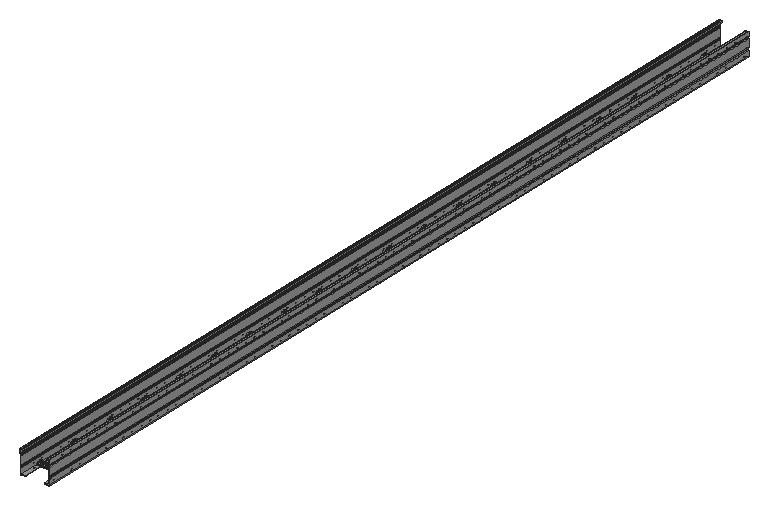
Revit family "Weitspannkabelleiter WKLG1620 FT,FS FT SO A4.23.08", category Generic Models, Revit 2017 (continued)
Automatic sketch dimensions
  Extrusion 412 sketch curve to Extrusion 412 sketch curve = 0.618 mm  (x2)
  Extrusion 412 sketch curve to plane 122 = 1.583 mm  (x2)
  Extrusion 412 sketch curve to plane 122 = 2.284 mm
  Extrusion 412 sketch curve to Extrusion 412 sketch curve = 0.572 mm
  Extrusion 412 sketch curve to Extrusion 412 sketch curve = 0.969 mm
  Extrusion 412 sketch curve to Extrusion 412 sketch curve = 3.884 mm
  Extrusion 412 sketch curve to plane 122 = 1.5 mm
  Extrusion 412 sketch curve to Extrusion 412 sketch curve = 3.752 mm
  Extrusion 412 sketch curve to plane 122 = 2.291 mm
  Extrusion 412 sketch curve to Extrusion 412 sketch curve = 0.978 mm
  Extrusion 412 sketch curve to Extrusion 412 sketch curve = 0.573 mm
  Extrusion 412 sketch curve to Extrusion 412 sketch curve = 2.346 mm
  plane 123 to Extrusion 412 sketch curve = 0.387 mm
  plane 123 to Extrusion 412 sketch curve = 0.678 mm
  Extrusion 412 sketch curve to Extrusion 412 sketch curve = 1.596 mm
  Extrusion 412 sketch curve to Extrusion 412 sketch curve = 0.964 mm
  Extrusion 412 sketch curve to Extrusion 412 sketch curve = 16.5 mm
  Extrusion 412 sketch curve to Extrusion 412 sketch curve = 1.383 mm
  Extrusion 413 sketch curve to plane 124 = 0 mm  (x3)
  Extrusion 413 sketch curve to plane 128 = 0 mm
  Extrusion 413 sketch curve to plane 125 = 0 mm
  plane 124 to Extrusion 413 sketch curve = 0.012 mm
  plane 126 to Extrusion 413 sketch curve = 0.069 mm
  Extrusion 413 sketch curve to plane 128 = 30 mm
  Extrusion 414 sketch curve to plane 130 = 0 mm  (x2)
  Extrusion 414 sketch curve to Extrusion 414 sketch curve = 0.36 mm
  Extrusion 414 sketch curve to Extrusion 414 sketch curve = 0.618 mm  (x2)
  Extrusion 414 sketch curve to plane 130 = 1.583 mm  (x2)
  Extrusion 414 sketch curve to plane 130 = 2.284 mm
  Extrusion 414 sketch curve to Extrusion 414 sketch curve = 0.572 mm
  Extrusion 414 sketch curve to Extrusion 414 sketch curve = 0.969 mm
  Extrusion 414 sketch curve to Extrusion 414 sketch curve = 3.884 mm
  Extrusion 414 sketch curve to plane 130 = 1.5 mm
  Extrusion 414 sketch curve to Extrusion 414 sketch curve = 3.752 mm
  Extrusion 414 sketch curve to plane 130 = 2.291 mm
  Extrusion 414 sketch curve to Extrusion 414 sketch curve = 0.978 mm
  Extrusion 414 sketch curve to Extrusion 414 sketch curve = 0.573 mm
  Extrusion 414 sketch curve to Extrusion 414 sketch curve = 2.346 mm
  plane 131 to Extrusion 414 sketch curve = 0.387 mm
  plane 131 to Extrusion 414 sketch curve = 0.678 mm
  Extrusion 414 sketch curve to Extrusion 414 sketch curve = 1.596 mm
  Extrusion 414 sketch curve to Extrusion 414 sketch curve = 0.964 mm
  Extrusion 414 sketch curve to Extrusion 414 sketch curve = 16.5 mm
  Extrusion 414 sketch curve to Extrusion 414 sketch curve = 1.383 mm
  Extrusion 415 sketch curve to plane 132 = 0 mm  (x3)
  Extrusion 415 sketch curve to plane 136 = 0 mm
  Extrusion 415 sketch curve to plane 133 = 0 mm
  plane 132 to Extrusion 415 sketch curve = 0.012 mm
  plane 134 to Extrusion 415 sketch curve = 0.069 mm
  Extrusion 415 sketch curve to plane 136 = 30 mm
  Extrusion 416 sketch curve to plane 138 = 0 mm  (x2)
  Extrusion 416 sketch curve to Extrusion 416 sketch curve = 0.36 mm
  Extrusion 416 sketch curve to Extrusion 416 sketch curve = 0.618 mm  (x2)
  Extrusion 416 sketch curve to plane 138 = 1.583 mm  (x2)
  Extrusion 416 sketch curve to plane 138 = 2.284 mm
  Extrusion 416 sketch curve to Extrusion 416 sketch curve = 0.572 mm
  Extrusion 416 sketch curve to Extrusion 416 sketch curve = 0.969 mm
  Extrusion 416 sketch curve to Extrusion 416 sketch curve = 3.884 mm
  Extrusion 416 sketch curve to plane 138 = 1.5 mm
  Extrusion 416 sketch curve to Extrusion 416 sketch curve = 3.752 mm
  Extrusion 416 sketch curve to plane 138 = 2.291 mm
  Extrusion 416 sketch curve to Extrusion 416 sketch curve = 0.978 mm
  Extrusion 416 sketch curve to Extrusion 416 sketch curve = 0.573 mm
  Extrusion 416 sketch curve to Extrusion 416 sketch curve = 2.346 mm
  plane 139 to Extrusion 416 sketch curve = 0.387 mm
  plane 139 to Extrusion 416 sketch curve = 0.678 mm
  Extrusion 416 sketch curve to Extrusion 416 sketch curve = 1.596 mm
  Extrusion 416 sketch curve to Extrusion 416 sketch curve = 0.964 mm
  Extrusion 416 sketch curve to Extrusion 416 sketch curve = 16.5 mm
  Extrusion 416 sketch curve to Extrusion 416 sketch curve = 1.383 mm
  Extrusion 417 sketch curve to plane 140 = 0 mm  (x3)
  Extrusion 417 sketch curve to plane 144 = 0 mm
  Extrusion 417 sketch curve to plane 141 = 0 mm
  plane 140 to Extrusion 417 sketch curve = 0.012 mm
  plane 142 to Extrusion 417 sketch curve = 0.069 mm
  Extrusion 417 sketch curve to plane 144 = 30 mm
  Extrusion 418 sketch curve to plane 146 = 0 mm  (x2)
  Extrusion 418 sketch curve to Extrusion 418 sketch curve = 0.36 mm
  Extrusion 418 sketch curve to Extrusion 418 sketch curve = 0.618 mm  (x2)
  Extrusion 418 sketch curve to plane 146 = 1.583 mm  (x2)
  Extrusion 418 sketch curve to plane 146 = 2.284 mm
  Extrusion 418 sketch curve to Extrusion 418 sketch curve = 0.572 mm
  Extrusion 418 sketch curve to Extrusion 418 sketch curve = 0.969 mm
  Extrusion 418 sketch curve to Extrusion 418 sketch curve = 3.884 mm
  Extrusion 418 sketch curve to plane 146 = 1.5 mm
  Extrusion 418 sketch curve to Extrusion 418 sketch curve = 3.752 mm
  Extrusion 418 sketch curve to plane 146 = 2.291 mm
  Extrusion 418 sketch curve to Extrusion 418 sketch curve = 0.978 mm
  Extrusion 418 sketch curve to Extrusion 418 sketch curve = 0.573 mm
  Extrusion 418 sketch curve to Extrusion 418 sketch curve = 2.346 mm
  plane 147 to Extrusion 418 sketch curve = 0.387 mm
  plane 147 to Extrusion 418 sketch curve = 0.678 mm
  Extrusion 418 sketch curve to Extrusion 418 sketch curve = 1.596 mm
  Extrusion 418 sketch curve to Extrusion 418 sketch curve = 0.964 mm
  Extrusion 418 sketch curve to Extrusion 418 sketch curve = 16.5 mm
  Extrusion 418 sketch curve to Extrusion 418 sketch curve = 1.383 mm
  Extrusion 419 sketch curve to plane 148 = 0 mm  (x3)
  Extrusion 419 sketch curve to plane 152 = 0 mm
  Extrusion 419 sketch curve to plane 149 = 0 mm
  plane 148 to Extrusion 419 sketch curve = 0.012 mm
  plane 150 to Extrusion 419 sketch curve = 0.069 mm
  Extrusion 419 sketch curve to plane 152 = 30 mm
  Extrusion 420 sketch curve to plane 154 = 0 mm  (x2)
  Extrusion 420 sketch curve to Extrusion 420 sketch curve = 0.36 mm
  Extrusion 420 sketch curve to Extrusion 420 sketch curve = 0.618 mm  (x2)
  Extrusion 420 sketch curve to plane 154 = 1.583 mm  (x2)
  Extrusion 420 sketch curve to plane 154 = 2.284 mm
  Extrusion 420 sketch curve to Extrusion 420 sketch curve = 0.572 mm
  Extrusion 420 sketch curve to Extrusion 420 sketch curve = 0.969 mm
  Extrusion 420 sketch curve to Extrusion 420 sketch curve = 3.884 mm
  Extrusion 420 sketch curve to plane 154 = 1.5 mm
  Extrusion 420 sketch curve to Extrusion 420 sketch curve = 3.752 mm
  Extrusion 420 sketch curve to plane 154 = 2.291 mm
  Extrusion 420 sketch curve to Extrusion 420 sketch curve = 0.978 mm
  Extrusion 420 sketch curve to Extrusion 420 sketch curve = 0.573 mm
  Extrusion 420 sketch curve to Extrusion 420 sketch curve = 2.346 mm
  plane 155 to Extrusion 420 sketch curve = 0.387 mm
  plane 155 to Extrusion 420 sketch curve = 0.678 mm
  Extrusion 420 sketch curve to Extrusion 420 sketch curve = 1.596 mm
  Extrusion 420 sketch curve to Extrusion 420 sketch curve = 0.964 mm
  Extrusion 420 sketch curve to Extrusion 420 sketch curve = 16.5 mm
  Extrusion 420 sketch curve to Extrusion 420 sketch curve = 1.383 mm
  Extrusion 421 sketch curve to plane 156 = 0 mm  (x3)
  Extrusion 421 sketch curve to plane 160 = 0 mm
  Extrusion 421 sketch curve to plane 157 = 0 mm
  plane 156 to Extrusion 421 sketch curve = 0.012 mm
  plane 158 to Extrusion 421 sketch curve = 0.069 mm
  Extrusion 421 sketch curve to plane 160 = 30 mm
  Extrusion 422 sketch curve to plane 162 = 0 mm  (x2)
  Extrusion 422 sketch curve to Extrusion 422 sketch curve = 0.36 mm
  Extrusion 422 sketch curve to Extrusion 422 sketch curve = 0.618 mm  (x2)
  Extrusion 422 sketch curve to plane 162 = 1.583 mm  (x2)
  Extrusion 422 sketch curve to plane 162 = 2.284 mm
  Extrusion 422 sketch curve to Extrusion 422 sketch curve = 0.572 mm
  Extrusion 422 sketch curve to Extrusion 422 sketch curve = 0.969 mm
  Extrusion 422 sketch curve to Extrusion 422 sketch curve = 3.884 mm
  Extrusion 422 sketch curve to plane 162 = 1.5 mm
  Extrusion 422 sketch curve to Extrusion 422 sketch curve = 3.752 mm
  Extrusion 422 sketch curve to plane 162 = 2.291 mm
  Extrusion 422 sketch curve to Extrusion 422 sketch curve = 0.978 mm
  Extrusion 422 sketch curve to Extrusion 422 sketch curve = 0.573 mm
  Extrusion 422 sketch curve to Extrusion 422 sketch curve = 2.346 mm
  plane 163 to Extrusion 422 sketch curve = 0.387 mm
  plane 163 to Extrusion 422 sketch curve = 0.678 mm
  Extrusion 422 sketch curve to Extrusion 422 sketch curve = 1.596 mm
  Extrusion 422 sketch curve to Extrusion 422 sketch curve = 0.964 mm
  Extrusion 422 sketch curve to Extrusion 422 sketch curve = 16.5 mm
  Extrusion 422 sketch curve to Extrusion 422 sketch curve = 1.383 mm
  Extrusion 423 sketch curve to plane 164 = 0 mm  (x3)
  Extrusion 423 sketch curve to plane 168 = 0 mm
  Extrusion 423 sketch curve to plane 165 = 0 mm
  plane 164 to Extrusion 423 sketch curve = 0.012 mm
  plane 166 to Extrusion 423 sketch curve = 0.069 mm
  Extrusion 423 sketch curve to plane 168 = 30 mm
  Extrusion 424 sketch curve to plane 170 = 0 mm  (x2)
  Extrusion 424 sketch curve to Extrusion 424 sketch curve = 0.36 mm
  Extrusion 424 sketch curve to Extrusion 424 sketch curve = 0.618 mm  (x2)
  Extrusion 424 sketch curve to plane 170 = 1.583 mm  (x2)
  Extrusion 424 sketch curve to plane 170 = 2.284 mm
  Extrusion 424 sketch curve to Extrusion 424 sketch curve = 0.572 mm
  Extrusion 424 sketch curve to Extrusion 424 sketch curve = 0.969 mm
  Extrusion 424 sketch curve to Extrusion 424 sketch curve = 3.884 mm
  Extrusion 424 sketch curve to plane 170 = 1.5 mm
  Extrusion 424 sketch curve to Extrusion 424 sketch curve = 3.752 mm
  Extrusion 424 sketch curve to plane 170 = 2.291 mm
  Extrusion 424 sketch curve to Extrusion 424 sketch curve = 0.978 mm
  Extrusion 424 sketch curve to Extrusion 424 sketch curve = 0.573 mm
  Extrusion 424 sketch curve to Extrusion 424 sketch curve = 2.346 mm
  plane 171 to Extrusion 424 sketch curve = 0.387 mm
  plane 171 to Extrusion 424 sketch curve = 0.678 mm
  Extrusion 424 sketch curve to Extrusion 424 sketch curve = 1.596 mm
  Extrusion 424 sketch curve to Extrusion 424 sketch curve = 0.964 mm
  Extrusion 424 sketch curve to Extrusion 424 sketch curve = 16.5 mm
  Extrusion 424 sketch curve to Extrusion 424 sketch curve = 1.383 mm
  Extrusion 425 sketch curve to plane 172 = 0 mm  (x3)
  Extrusion 425 sketch curve to plane 176 = 0 mm
  Extrusion 425 sketch curve to plane 173 = 0 mm
  plane 172 to Extrusion 425 sketch curve = 0.012 mm
  plane 174 to Extrusion 425 sketch curve = 0.069 mm
  Extrusion 425 sketch curve to plane 176 = 30 mm
  Extrusion 426 sketch curve to plane 178 = 0 mm  (x2)
  Extrusion 426 sketch curve to Extrusion 426 sketch curve = 0.36 mm
  Extrusion 426 sketch curve to Extrusion 426 sketch curve = 0.618 mm  (x2)
  Extrusion 426 sketch curve to plane 178 = 1.583 mm  (x2)
  Extrusion 426 sketch curve to plane 178 = 2.284 mm
  Extrusion 426 sketch curve to Extrusion 426 sketch curve = 0.572 mm
  Extrusion 426 sketch curve to Extrusion 426 sketch curve = 0.969 mm
  Extrusion 426 sketch curve to Extrusion 426 sketch curve = 3.884 mm
  Extrusion 426 sketch curve to plane 178 = 1.5 mm
  Extrusion 426 sketch curve to Extrusion 426 sketch curve = 3.752 mm
  Extrusion 426 sketch curve to plane 178 = 2.291 mm
  Extrusion 426 sketch curve to Extrusion 426 sketch curve = 0.978 mm
  Extrusion 426 sketch curve to Extrusion 426 sketch curve = 0.573 mm
  Extrusion 426 sketch curve to Extrusion 426 sketch curve = 2.346 mm
  plane 179 to Extrusion 426 sketch curve = 0.387 mm
  plane 179 to Extrusion 426 sketch curve = 0.678 mm
  Extrusion 426 sketch curve to Extrusion 426 sketch curve = 1.596 mm
  Extrusion 426 sketch curve to Extrusion 426 sketch curve = 0.964 mm
  Extrusion 426 sketch curve to Extrusion 426 sketch curve = 16.5 mm
  Extrusion 426 sketch curve to Extrusion 426 sketch curve = 1.383 mm
  Extrusion 427 sketch curve to plane 180 = 0 mm  (x3)
  Extrusion 427 sketch curve to plane 184 = 0 mm
  Extrusion 427 sketch curve to plane 181 = 0 mm
  plane 180 to Extrusion 427 sketch curve = 0.012 mm
  plane 182 to Extrusion 427 sketch curve = 0.069 mm
  Extrusion 427 sketch curve to plane 184 = 30 mm
  Extrusion 428 sketch curve to plane 186 = 0 mm  (x2)
  Extrusion 428 sketch curve to Extrusion 428 sketch curve = 0.36 mm
  Extrusion 428 sketch curve to Extrusion 428 sketch curve = 0.618 mm  (x2)
  Extrusion 428 sketch curve to plane 186 = 1.583 mm  (x2)
  Extrusion 428 sketch curve to plane 186 = 2.284 mm
  Extrusion 428 sketch curve to Extrusion 428 sketch curve = 0.572 mm
  Extrusion 428 sketch curve to Extrusion 428 sketch curve = 0.969 mm
  Extrusion 428 sketch curve to Extrusion 428 sketch curve = 3.884 mm
  Extrusion 428 sketch curve to plane 186 = 1.5 mm
  Extrusion 428 sketch curve to Extrusion 428 sketch curve = 3.752 mm
  Extrusion 428 sketch curve to plane 186 = 2.291 mm
  Extrusion 428 sketch curve to Extrusion 428 sketch curve = 0.978 mm
  Extrusion 428 sketch curve to Extrusion 428 sketch curve = 0.573 mm
  Extrusion 428 sketch curve to Extrusion 428 sketch curve = 2.346 mm
  plane 187 to Extrusion 428 sketch curve = 0.387 mm
  plane 187 to Extrusion 428 sketch curve = 0.678 mm
  Extrusion 428 sketch curve to Extrusion 428 sketch curve = 1.596 mm
  Extrusion 428 sketch curve to Extrusion 428 sketch curve = 0.964 mm
  Extrusion 428 sketch curve to Extrusion 428 sketch curve = 16.5 mm
  Extrusion 428 sketch curve to Extrusion 428 sketch curve = 1.383 mm
  Extrusion 429 sketch curve to plane 188 = 0 mm  (x3)
  Extrusion 429 sketch curve to plane 192 = 0 mm
  Extrusion 429 sketch curve to plane 189 = 0 mm
  plane 188 to Extrusion 429 sketch curve = 0.012 mm
  plane 190 to Extrusion 429 sketch curve = 0.069 mm
  Extrusion 429 sketch curve to plane 192 = 30 mm
  Extrusion 430 sketch curve to plane 194 = 0 mm  (x2)
  Extrusion 430 sketch curve to Extrusion 430 sketch curve = 0.36 mm
  Extrusion 430 sketch curve to Extrusion 430 sketch curve = 0.618 mm  (x2)
  Extrusion 430 sketch curve to plane 194 = 1.583 mm  (x2)
  Extrusion 430 sketch curve to plane 194 = 2.284 mm
  Extrusion 430 sketch curve to Extrusion 430 sketch curve = 0.572 mm
  Extrusion 430 sketch curve to Extrusion 430 sketch curve = 0.969 mm
  Extrusion 430 sketch curve to Extrusion 430 sketch curve = 3.884 mm
  Extrusion 430 sketch curve to plane 194 = 1.5 mm
  Extrusion 430 sketch curve to Extrusion 430 sketch curve = 3.752 mm
  Extrusion 430 sketch curve to plane 194 = 2.291 mm
  Extrusion 430 sketch curve to Extrusion 430 sketch curve = 0.978 mm
  Extrusion 430 sketch curve to Extrusion 430 sketch curve = 0.573 mm
  Extrusion 430 sketch curve to Extrusion 430 sketch curve = 2.346 mm
  plane 195 to Extrusion 430 sketch curve = 0.387 mm
  plane 195 to Extrusion 430 sketch curve = 0.678 mm
  Extrusion 430 sketch curve to Extrusion 430 sketch curve = 1.596 mm
  Extrusion 430 sketch curve to Extrusion 430 sketch curve = 0.964 mm
  Extrusion 430 sketch curve to Extrusion 430 sketch curve = 16.5 mm
  Extrusion 430 sketch curve to Extrusion 430 sketch curve = 1.383 mm
  Extrusion 431 sketch curve to plane 196 = 0 mm  (x3)
  Extrusion 431 sketch curve to plane 200 = 0 mm
  Extrusion 431 sketch curve to plane 197 = 0 mm
  plane 196 to Extrusion 431 sketch curve = 0.012 mm
  plane 198 to Extrusion 431 sketch curve = 0.069 mm
  Extrusion 431 sketch curve to plane 200 = 30 mm
  Extrusion 432 sketch curve to plane 202 = 0 mm  (x2)
  Extrusion 432 sketch curve to Extrusion 432 sketch curve = 0.36 mm
  Extrusion 432 sketch curve to Extrusion 432 sketch curve = 0.618 mm  (x2)
  Extrusion 432 sketch curve to plane 202 = 1.583 mm  (x2)
  Extrusion 432 sketch curve to plane 202 = 2.284 mm
  Extrusion 432 sketch curve to Extrusion 432 sketch curve = 0.572 mm
  Extrusion 432 sketch curve to Extrusion 432 sketch curve = 0.969 mm
  Extrusion 432 sketch curve to Extrusion 432 sketch curve = 3.884 mm
  Extrusion 432 sketch curve to plane 202 = 1.5 mm
  Extrusion 432 sketch curve to Extrusion 432 sketch curve = 3.752 mm
  Extrusion 432 sketch curve to plane 202 = 2.291 mm
  Extrusion 432 sketch curve to Extrusion 432 sketch curve = 0.978 mm
  Extrusion 432 sketch curve to Extrusion 432 sketch curve = 0.573 mm
  Extrusion 432 sketch curve to Extrusion 432 sketch curve = 2.346 mm
  plane 203 to Extrusion 432 sketch curve = 0.387 mm
  plane 203 to Extrusion 432 sketch curve = 0.678 mm
  Extrusion 432 sketch curve to Extrusion 432 sketch curve = 1.596 mm
  Extrusion 432 sketch curve to Extrusion 432 sketch curve = 0.964 mm
  Extrusion 432 sketch curve to Extrusion 432 sketch curve = 16.5 mm
  Extrusion 432 sketch curve to Extrusion 432 sketch curve = 1.383 mm
  Extrusion 433 sketch curve to plane 204 = 0 mm  (x3)
  Extrusion 433 sketch curve to plane 208 = 0 mm
  Extrusion 433 sketch curve to plane 205 = 0 mm
  plane 204 to Extrusion 433 sketch curve = 0.012 mm
  plane 206 to Extrusion 433 sketch curve = 0.069 mm
  Extrusion 433 sketch curve to plane 208 = 30 mm
  Extrusion 434 sketch curve to plane 210 = 0 mm  (x2)
  Extrusion 434 sketch curve to Extrusion 434 sketch curve = 0.36 mm
  Extrusion 434 sketch curve to Extrusion 434 sketch curve = 0.618 mm  (x2)
  Extrusion 434 sketch curve to plane 210 = 1.583 mm  (x2)
  Extrusion 434 sketch curve to plane 210 = 2.284 mm
  Extrusion 434 sketch curve to Extrusion 434 sketch curve = 0.572 mm
  Extrusion 434 sketch curve to Extrusion 434 sketch curve = 0.969 mm
  Extrusion 434 sketch curve to Extrusion 434 sketch curve = 3.884 mm
  Extrusion 434 sketch curve to plane 210 = 1.5 mm
  Extrusion 434 sketch curve to Extrusion 434 sketch curve = 3.752 mm
  Extrusion 434 sketch curve to plane 210 = 2.291 mm
  Extrusion 434 sketch curve to Extrusion 434 sketch curve = 0.978 mm
  Extrusion 434 sketch curve to Extrusion 434 sketch curve = 0.573 mm
  Extrusion 434 sketch curve to Extrusion 434 sketch curve = 2.346 mm
  plane 211 to Extrusion 434 sketch curve = 0.387 mm
  plane 211 to Extrusion 434 sketch curve = 0.678 mm
  Extrusion 434 sketch curve to Extrusion 434 sketch curve = 1.596 mm
  Extrusion 434 sketch curve to Extrusion 434 sketch curve = 0.964 mm
  Extrusion 434 sketch curve to Extrusion 434 sketch curve = 16.5 mm
  Extrusion 434 sketch curve to Extrusion 434 sketch curve = 1.383 mm
  Extrusion 435 sketch curve to plane 212 = 0 mm  (x3)
  Extrusion 435 sketch curve to plane 216 = 0 mm
  Extrusion 435 sketch curve to plane 213 = 0 mm
  plane 212 to Extrusion 435 sketch curve = 0.012 mm
  plane 214 to Extrusion 435 sketch curve = 0.069 mm
  Extrusion 435 sketch curve to plane 216 = 30 mm
  Extrusion 436 sketch curve to plane 218 = 0 mm  (x2)
  Extrusion 436 sketch curve to Extrusion 436 sketch curve = 0.36 mm
  Extrusion 436 sketch curve to Extrusion 436 sketch curve = 0.618 mm  (x2)
  Extrusion 436 sketch curve to plane 218 = 1.583 mm  (x2)
  Extrusion 436 sketch curve to plane 218 = 2.284 mm
  Extrusion 436 sketch curve to Extrusion 436 sketch curve = 0.572 mm
  Extrusion 436 sketch curve to Extrusion 436 sketch curve = 0.969 mm
  Extrusion 436 sketch curve to Extrusion 436 sketch curve = 3.884 mm
  Extrusion 436 sketch curve to plane 218 = 1.5 mm
  Extrusion 436 sketch curve to Extrusion 436 sketch curve = 3.752 mm
  Extrusion 436 sketch curve to plane 218 = 2.291 mm
  Extrusion 436 sketch curve to Extrusion 436 sketch curve = 0.978 mm
  Extrusion 436 sketch curve to Extrusion 436 sketch curve = 0.573 mm
  Extrusion 436 sketch curve to Extrusion 436 sketch curve = 2.346 mm
  plane 219 to Extrusion 436 sketch curve = 0.387 mm
  plane 219 to Extrusion 436 sketch curve = 0.678 mm
  Extrusion 436 sketch curve to Extrusion 436 sketch curve = 1.596 mm
  Extrusion 436 sketch curve to Extrusion 436 sketch curve = 0.964 mm
  Extrusion 436 sketch curve to Extrusion 436 sketch curve = 16.5 mm
  Extrusion 436 sketch curve to Extrusion 436 sketch curve = 1.383 mm
  Extrusion 437 sketch curve to plane 220 = 0 mm  (x3)
  Extrusion 437 sketch curve to plane 224 = 0 mm
  Extrusion 437 sketch curve to plane 221 = 0 mm
  plane 220 to Extrusion 437 sketch curve = 0.012 mm
  plane 222 to Extrusion 437 sketch curve = 0.069 mm
  Extrusion 437 sketch curve to plane 224 = 30 mm
  Extrusion 438 sketch curve to plane 226 = 0 mm  (x2)
  Extrusion 438 sketch curve to Extrusion 438 sketch curve = 0.36 mm
  Extrusion 438 sketch curve to Extrusion 438 sketch curve = 0.618 mm  (x2)
  Extrusion 438 sketch curve to plane 226 = 1.583 mm  (x2)
  Extrusion 438 sketch curve to plane 226 = 2.284 mm
  Extrusion 438 sketch curve to Extrusion 438 sketch curve = 0.572 mm
  Extrusion 438 sketch curve to Extrusion 438 sketch curve = 0.969 mm
  Extrusion 438 sketch curve to Extrusion 438 sketch curve = 3.884 mm
  Extrusion 438 sketch curve to plane 226 = 1.5 mm
  Extrusion 438 sketch curve to Extrusion 438 sketch curve = 3.752 mm
  Extrusion 438 sketch curve to plane 226 = 2.291 mm
  Extrusion 438 sketch curve to Extrusion 438 sketch curve = 0.978 mm
  Extrusion 438 sketch curve to Extrusion 438 sketch curve = 0.573 mm
  Extrusion 438 sketch curve to Extrusion 438 sketch curve = 2.346 mm
  plane 227 to Extrusion 438 sketch curve = 0.387 mm
  plane 227 to Extrusion 438 sketch curve = 0.678 mm
  Extrusion 438 sketch curve to Extrusion 438 sketch curve = 1.596 mm
  Extrusion 438 sketch curve to Extrusion 438 sketch curve = 0.964 mm
  Extrusion 438 sketch curve to Extrusion 438 sketch curve = 16.5 mm
  Extrusion 438 sketch curve to Extrusion 438 sketch curve = 1.383 mm
  Extrusion 439 sketch curve to plane 228 = 0 mm  (x3)
  Extrusion 439 sketch curve to plane 232 = 0 mm
  Extrusion 439 sketch curve to plane 229 = 0 mm
  plane 228 to Extrusion 439 sketch curve = 0.012 mm
  plane 230 to Extrusion 439 sketch curve = 0.069 mm
  Extrusion 439 sketch curve to plane 232 = 30 mm
  Extrusion 440 sketch curve to plane 234 = 0 mm  (x2)
  Extrusion 440 sketch curve to Extrusion 440 sketch curve = 0.36 mm
  Extrusion 440 sketch curve to Extrusion 440 sketch curve = 0.618 mm  (x2)
  Extrusion 440 sketch curve to plane 234 = 1.583 mm  (x2)
  Extrusion 440 sketch curve to plane 234 = 2.284 mm
  Extrusion 440 sketch curve to Extrusion 440 sketch curve = 0.572 mm
  Extrusion 440 sketch curve to Extrusion 440 sketch curve = 0.969 mm
  Extrusion 440 sketch curve to Extrusion 440 sketch curve = 3.884 mm
  Extrusion 440 sketch curve to plane 234 = 1.5 mm
  Extrusion 440 sketch curve to Extrusion 440 sketch curve = 3.752 mm
  Extrusion 440 sketch curve to plane 234 = 2.291 mm
  Extrusion 440 sketch curve to Extrusion 440 sketch curve = 0.978 mm
  Extrusion 440 sketch curve to Extrusion 440 sketch curve = 0.573 mm
  Extrusion 440 sketch curve to Extrusion 440 sketch curve = 2.346 mm
  plane 235 to Extrusion 440 sketch curve = 0.387 mm
  plane 235 to Extrusion 440 sketch curve = 0.678 mm
  Extrusion 440 sketch curve to Extrusion 440 sketch curve = 1.596 mm
  Extrusion 440 sketch curve to Extrusion 440 sketch curve = 0.964 mm
  Extrusion 440 sketch curve to Extrusion 440 sketch curve = 16.5 mm
  Extrusion 440 sketch curve to Extrusion 440 sketch curve = 1.383 mm
  Extrusion 441 sketch curve to plane 236 = 0 mm  (x3)
  Extrusion 441 sketch curve to plane 240 = 0 mm
  Extrusion 441 sketch curve to plane 237 = 0 mm
  plane 236 to Extrusion 441 sketch curve = 0.012 mm
  plane 238 to Extrusion 441 sketch curve = 0.069 mm
  Extrusion 441 sketch curve to plane 240 = 30 mm
  Extrusion 442 sketch curve to plane 242 = 0 mm  (x2)
  Extrusion 442 sketch curve to Extrusion 442 sketch curve = 0.36 mm
  Extrusion 442 sketch curve to Extrusion 442 sketch curve = 0.618 mm  (x2)
  Extrusion 442 sketch curve to plane 242 = 1.583 mm  (x2)
  Extrusion 442 sketch curve to plane 242 = 2.284 mm
  Extrusion 442 sketch curve to Extrusion 442 sketch curve = 0.572 mm
  Extrusion 442 sketch curve to Extrusion 442 sketch curve = 0.969 mm
  Extrusion 442 sketch curve to Extrusion 442 sketch curve = 3.884 mm
  Extrusion 442 sketch curve to plane 242 = 1.5 mm
  Extrusion 442 sketch curve to Extrusion 442 sketch curve = 3.752 mm
  Extrusion 442 sketch curve to plane 242 = 2.291 mm
  Extrusion 442 sketch curve to Extrusion 442 sketch curve = 0.978 mm
  Extrusion 442 sketch curve to Extrusion 442 sketch curve = 0.573 mm
  Extrusion 442 sketch curve to Extrusion 442 sketch curve = 2.346 mm
  plane 243 to Extrusion 442 sketch curve = 0.387 mm
  plane 243 to Extrusion 442 sketch curve = 0.678 mm
  Extrusion 442 sketch curve to Extrusion 442 sketch curve = 1.596 mm
  Extrusion 442 sketch curve to Extrusion 442 sketch curve = 0.964 mm
  Extrusion 442 sketch curve to Extrusion 442 sketch curve = 16.5 mm
  Extrusion 442 sketch curve to Extrusion 442 sketch curve = 1.383 mm
  Extrusion 443 sketch curve to plane 244 = 0 mm  (x3)
  Extrusion 443 sketch curve to plane 248 = 0 mm
  Extrusion 443 sketch curve to plane 245 = 0 mm
  plane 244 to Extrusion 443 sketch curve = 0.012 mm
  plane 246 to Extrusion 443 sketch curve = 0.069 mm
  Extrusion 443 sketch curve to plane 248 = 30 mm
  Extrusion 444 sketch curve to plane 255 = 0 mm
  Extrusion 444 sketch curve to plane 253 = 0 mm
  Extrusion 444 sketch curve to plane 252 = 0 mm
  Extrusion 444 sketch curve to plane 255 = 1.578 mm
  plane 251 to Extrusion 444 sketch curve = 5.924 mm
  Extrusion 444 sketch curve to Extrusion 444 sketch curve = 7.25 mm
  plane 251 to Extrusion 444 sketch curve = 1.641 mm
  Extrusion 444 sketch curve to plane 252 = 2.46 mm
  Extrusion 445 sketch curve to plane 257 = 0 mm  (x2)
  Extrusion 445 sketch curve to plane 260 = 0 mm
  Extrusion 445 sketch curve to Extrusion 445 sketch curve = 6.775 mm
  Extrusion 445 sketch curve to Extrusion 445 sketch curve = 6.178 mm
  Extrusion 445 sketch curve to plane 257 = 4.95 mm
  plane 256 to Extrusion 445 sketch curve = 8.008 mm
  Extrusion 445 sketch curve to Extrusion 445 sketch curve = 13.808 mm
  Extrusion 445 sketch curve to Extrusion 445 sketch curve = 13.31 mm
  Extrusion 445 sketch curve to Extrusion 445 sketch curve = 3.658 mm
  Extrusion 444 sketch curve to plane 250 = 175.432 mm
  Extrusion 444 sketch curve to Extrusion 444 sketch curve = 2.762 mm
  Extrusion 444 sketch curve to Extrusion 444 sketch curve = 19.263 mm
  Extrusion 444 sketch curve to plane 250 = 17.354 mm
  Extrusion 446 sketch curve to plane 268 = 0 mm
  Extrusion 446 sketch curve to plane 266 = 0 mm
  Extrusion 446 sketch curve to plane 265 = 0 mm
  Extrusion 446 sketch curve to plane 268 = 1.578 mm
  plane 264 to Extrusion 446 sketch curve = 5.924 mm
  Extrusion 446 sketch curve to Extrusion 446 sketch curve = 7.25 mm
  plane 264 to Extrusion 446 sketch curve = 1.641 mm
  Extrusion 446 sketch curve to plane 265 = 2.46 mm
  Extrusion 446 sketch curve to plane 263 = 175.432 mm
  Extrusion 446 sketch curve to Extrusion 446 sketch curve = 2.762 mm
  Extrusion 446 sketch curve to Extrusion 446 sketch curve = 19.263 mm
  Extrusion 446 sketch curve to plane 263 = 17.354 mm
  Extrusion 447 sketch curve to plane 275 = 0 mm
  Extrusion 447 sketch curve to plane 273 = 0 mm
  Extrusion 447 sketch curve to plane 272 = 0 mm
  Extrusion 447 sketch curve to plane 275 = 1.578 mm
  plane 271 to Extrusion 447 sketch curve = 5.924 mm
  Extrusion 447 sketch curve to Extrusion 447 sketch curve = 7.25 mm
  plane 271 to Extrusion 447 sketch curve = 1.641 mm
  Extrusion 447 sketch curve to plane 272 = 2.46 mm
  Extrusion 447 sketch curve to plane 270 = 175.432 mm
  Extrusion 447 sketch curve to Extrusion 447 sketch curve = 2.762 mm
  Extrusion 447 sketch curve to Extrusion 447 sketch curve = 19.263 mm
  Extrusion 447 sketch curve to plane 270 = 17.354 mm
  Extrusion 448 sketch curve to plane 282 = 0 mm
  Extrusion 448 sketch curve to plane 280 = 0 mm
  Extrusion 448 sketch curve to plane 279 = 0 mm
  Extrusion 448 sketch curve to plane 282 = 1.578 mm
  plane 278 to Extrusion 448 sketch curve = 5.924 mm
  Extrusion 448 sketch curve to Extrusion 448 sketch curve = 7.25 mm
  plane 278 to Extrusion 448 sketch curve = 1.641 mm
  Extrusion 448 sketch curve to plane 279 = 2.46 mm
  Extrusion 448 sketch curve to plane 277 = 175.432 mm
  Extrusion 448 sketch curve to Extrusion 448 sketch curve = 2.762 mm
  Extrusion 448 sketch curve to Extrusion 448 sketch curve = 19.263 mm
  Extrusion 448 sketch curve to plane 277 = 17.354 mm
  Extrusion 449 sketch curve to plane 284 = 0 mm  (x2)
  Extrusion 449 sketch curve to plane 287 = 0 mm
  Extrusion 449 sketch curve to Extrusion 449 sketch curve = 6.775 mm
  Extrusion 449 sketch curve to Extrusion 449 sketch curve = 6.178 mm
  Extrusion 449 sketch curve to plane 284 = 4.95 mm
  plane 283 to Extrusion 449 sketch curve = 8.008 mm
  Extrusion 449 sketch curve to Extrusion 449 sketch curve = 13.808 mm
  Extrusion 449 sketch curve to Extrusion 449 sketch curve = 13.31 mm
  Extrusion 449 sketch curve to Extrusion 449 sketch curve = 3.658 mm
  Extrusion 450 sketch curve to plane 289 = 0 mm  (x2)
  Extrusion 450 sketch curve to plane 292 = 0 mm
  Extrusion 450 sketch curve to Extrusion 450 sketch curve = 6.775 mm
  Extrusion 450 sketch curve to Extrusion 450 sketch curve = 6.178 mm
  Extrusion 450 sketch curve to plane 289 = 4.95 mm
  plane 288 to Extrusion 450 sketch curve = 8.008 mm
  Extrusion 450 sketch curve to Extrusion 450 sketch curve = 13.808 mm
  Extrusion 450 sketch curve to Extrusion 450 sketch curve = 13.31 mm
  Extrusion 450 sketch curve to Extrusion 450 sketch curve = 3.658 mm
  Extrusion 451 sketch curve to plane 294 = 0 mm  (x2)
  Extrusion 451 sketch curve to plane 297 = 0 mm
  Extrusion 451 sketch curve to Extrusion 451 sketch curve = 6.775 mm
  Extrusion 451 sketch curve to Extrusion 451 sketch curve = 6.178 mm
  Extrusion 451 sketch curve to plane 294 = 4.95 mm
  plane 293 to Extrusion 451 sketch curve = 8.008 mm
  Extrusion 451 sketch curve to Extrusion 451 sketch curve = 13.808 mm
  Extrusion 451 sketch curve to Extrusion 451 sketch curve = 13.31 mm
  Extrusion 451 sketch curve to Extrusion 451 sketch curve = 3.658 mm
  radius of Extrusion 324 sketch curve = 2.5 mm
  radius of Extrusion 325 sketch curve = 2.5 mm
  radius of Extrusion 326 sketch curve = 2.5 mm
  radius of Extrusion 327 sketch curve = 2.5 mm
  radius of Extrusion 328 sketch curve = 2.5 mm
  radius of Extrusion 329 sketch curve = 2.5 mm
  radius of Extrusion 330 sketch curve = 2.5 mm
  radius of Extrusion 331 sketch curve = 2.5 mm
  radius of Extrusion 332 sketch curve = 2.5 mm
  radius of Extrusion 333 sketch curve = 2.5 mm
  radius of Extrusion 334 sketch curve = 2.5 mm
  radius of Extrusion 335 sketch curve = 2.5 mm
  radius of Extrusion 336 sketch curve = 2.5 mm
  radius of Extrusion 337 sketch curve = 2.5 mm
  radius of Extrusion 338 sketch curve = 2.5 mm
  radius of Extrusion 339 sketch curve = 2.5 mm
  radius of Extrusion 340 sketch curve = 2.5 mm
  radius of Extrusion 341 sketch curve = 2.5 mm
  radius of Extrusion 342 sketch curve = 2.5 mm
  radius of Extrusion 343 sketch curve = 2.5 mm
  radius of Extrusion 344 sketch curve = 2.5 mm
  radius of Extrusion 345 sketch curve = 2.5 mm
  radius of Extrusion 346 sketch curve = 2.5 mm
  radius of Extrusion 347 sketch curve = 2.5 mm
  radius of Extrusion 348 sketch curve = 2.5 mm
  radius of Extrusion 349 sketch curve = 2.5 mm
  radius of Extrusion 350 sketch curve = 2.5 mm
  radius of Extrusion 351 sketch curve = 2.5 mm
  radius of Extrusion 352 sketch curve = 2.5 mm
  radius of Extrusion 353 sketch curve = 2.5 mm
  radius of Extrusion 354 sketch curve = 2.5 mm
  radius of Extrusion 355 sketch curve = 2.5 mm
  radius of Extrusion 356 sketch curve = 2.5 mm
  radius of Extrusion 357 sketch curve = 2.5 mm
  radius of Extrusion 358 sketch curve = 2.5 mm
  radius of Extrusion 359 sketch curve = 2.5 mm
  radius of Extrusion 360 sketch curve = 2.5 mm
  radius of Extrusion 361 sketch curve = 2.5 mm
  radius of Extrusion 362 sketch curve = 2.5 mm
  radius of Extrusion 363 sketch curve = 2.5 mm
  radius of Extrusion 364 sketch curve = 2.5 mm
  radius of Extrusion 365 sketch curve = 2.5 mm
  radius of Extrusion 366 sketch curve = 2.5 mm
  radius of Extrusion 367 sketch curve = 2.5 mm
  radius of Extrusion 368 sketch curve = 2.5 mm
  radius of Extrusion 369 sketch curve = 2.5 mm
  radius of Extrusion 370 sketch curve = 2.5 mm
  radius of Extrusion 371 sketch curve = 2.5 mm
  radius of Extrusion 372 sketch curve = 2.5 mm
  radius of Extrusion 373 sketch curve = 2.5 mm
  radius of Extrusion 374 sketch curve = 2.5 mm
  radius of Extrusion 375 sketch curve = 2.5 mm
  radius of Extrusion 376 sketch curve = 2.5 mm
  radius of Extrusion 377 sketch curve = 2.5 mm
  radius of Extrusion 378 sketch curve = 2.5 mm
  radius of Extrusion 379 sketch curve = 2.5 mm
  radius of Extrusion 380 sketch curve = 2.5 mm
  radius of Extrusion 381 sketch curve = 2.5 mm
  radius of Extrusion 382 sketch curve = 2.5 mm
  radius of Extrusion 383 sketch curve = 2.5 mm
  radius of Extrusion 384 sketch curve = 2.5 mm
  radius of Extrusion 385 sketch curve = 2.5 mm
  radius of Extrusion 386 sketch curve = 2.5 mm
  radius of Extrusion 387 sketch curve = 2.5 mm
  radius of Extrusion 388 sketch curve = 2.5 mm
  radius of Extrusion 389 sketch curve = 2.5 mm
  radius of Extrusion 390 sketch curve = 2.5 mm
  radius of Extrusion 391 sketch curve = 2.5 mm
  radius of Extrusion 392 sketch curve = 2.5 mm
  radius of Extrusion 393 sketch curve = 2.5 mm
  radius of Extrusion 394 sketch curve = 2.5 mm
  radius of Extrusion 395 sketch curve = 2.5 mm
  radius of Extrusion 396 sketch curve = 2.5 mm
  radius of Extrusion 397 sketch curve = 2.5 mm
  radius of Extrusion 398 sketch curve = 2.5 mm
  radius of Extrusion 399 sketch curve = 2.5 mm
  radius of Extrusion 400 sketch curve = 2.5 mm
  radius of Extrusion 401 sketch curve = 2.5 mm
  radius of Extrusion 402 sketch curve = 2.5 mm
  radius of Extrusion 403 sketch curve = 2.5 mm
  radius of Extrusion 404 sketch curve = 2.75 mm
  radius of Extrusion 404 sketch curve = 3.4 mm  (x2)
  radius of Extrusion 404 sketch curve = 2.8 mm
  radius of Extrusion 407 sketch curve = 2.75 mm
  radius of Extrusion 407 sketch curve = 3.4 mm  (x2)
  radius of Extrusion 407 sketch curve = 2.8 mm
  radius of Extrusion 409 sketch curve = 2.75 mm
  radius of Extrusion 409 sketch curve = 3.4 mm  (x2)
  radius of Extrusion 409 sketch curve = 2.8 mm
  radius of Extrusion 411 sketch curve = 2.75 mm
  radius of Extrusion 411 sketch curve = 3.4 mm  (x2)
  radius of Extrusion 411 sketch curve = 2.8 mm
  radius of Extrusion 413 sketch curve = 2.75 mm
  radius of Extrusion 413 sketch curve = 3.4 mm  (x2)
  radius of Extrusion 413 sketch curve = 2.8 mm
  radius of Extrusion 415 sketch curve = 2.75 mm
  radius of Extrusion 415 sketch curve = 3.4 mm  (x2)
  radius of Extrusion 415 sketch curve = 2.8 mm
  radius of Extrusion 417 sketch curve = 2.75 mm
  radius of Extrusion 417 sketch curve = 3.4 mm  (x2)
  radius of Extrusion 417 sketch curve = 2.8 mm
  radius of Extrusion 419 sketch curve = 2.75 mm
  radius of Extrusion 419 sketch curve = 3.4 mm  (x2)
  radius of Extrusion 419 sketch curve = 2.8 mm
  radius of Extrusion 421 sketch curve = 2.75 mm
  radius of Extrusion 421 sketch curve = 3.4 mm  (x2)
  radius of Extrusion 421 sketch curve = 2.8 mm
  radius of Extrusion 423 sketch curve = 2.75 mm
  radius of Extrusion 423 sketch curve = 3.4 mm  (x2)
  radius of Extrusion 423 sketch curve = 2.8 mm
  radius of Extrusion 425 sketch curve = 2.75 mm
  radius of Extrusion 425 sketch curve = 3.4 mm  (x2)
  radius of Extrusion 425 sketch curve = 2.8 mm
  radius of Extrusion 427 sketch curve = 2.75 mm
  radius of Extrusion 427 sketch curve = 3.4 mm  (x2)
  radius of Extrusion 427 sketch curve = 2.8 mm
  radius of Extrusion 429 sketch curve = 2.75 mm
  radius of Extrusion 429 sketch curve = 3.4 mm  (x2)
  radius of Extrusion 429 sketch curve = 2.8 mm
  radius of Extrusion 431 sketch curve = 2.75 mm
  radius of Extrusion 431 sketch curve = 3.4 mm  (x2)
  radius of Extrusion 431 sketch curve = 2.8 mm
  radius of Extrusion 433 sketch curve = 2.75 mm
  radius of Extrusion 433 sketch curve = 3.4 mm  (x2)
  radius of Extrusion 433 sketch curve = 2.8 mm
  radius of Extrusion 435 sketch curve = 2.75 mm
  radius of Extrusion 435 sketch curve = 3.4 mm  (x2)
  radius of Extrusion 435 sketch curve = 2.8 mm
  radius of Extrusion 437 sketch curve = 2.75 mm
  radius of Extrusion 437 sketch curve = 3.4 mm  (x2)
  radius of Extrusion 437 sketch curve = 2.8 mm
  radius of Extrusion 439 sketch curve = 2.75 mm
  radius of Extrusion 439 sketch curve = 3.4 mm  (x2)
  radius of Extrusion 439 sketch curve = 2.8 mm
  radius of Extrusion 441 sketch curve = 2.75 mm
  radius of Extrusion 441 sketch curve = 3.4 mm  (x2)
  radius of Extrusion 441 sketch curve = 2.8 mm
  radius of Extrusion 443 sketch curve = 2.75 mm
  radius of Extrusion 443 sketch curve = 3.4 mm  (x2)
  radius of Extrusion 443 sketch curve = 2.8 mm
Types (5, lengths in mm): name | Material | Manufacturer Art.No. | GTIN | Article Type
  (no name) | Hot-dip galvanised 85 µm | "7189040" | "4012195888529" | "WKLG 1620 FT SO"
  WKLG 1620 FT | Hot-dip galvanised | "6227120" | "4012196169399" | "WKLG 1620 FT"
  WKLG 1620 FS | Strip-galvanised | "6227023" | "4012196169092" | "WKLG 1620 FS"
  WKLG 1620 FT SO | Hot-dip galvanised 85 µm | "7189040" | "4012195888529" | "WKLG 1620 FT SO"
  WKLG 1620 A4 | Stainless steel, A4 | "6227170" | "4012195909965" | "WKLG 1620 A4"
